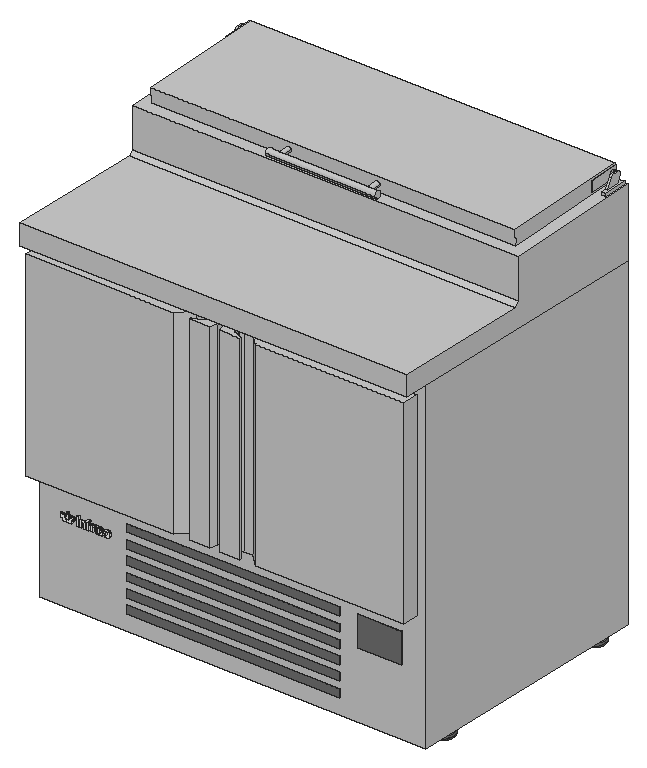
Revit family "QF_INFRICO_ME1000EN_250812015351", category Specialty Equipment, Revit 2021
Family settings
  Round Connector Dimension = Use Diameter
  Part Type = Normal
  OmniClass Number = 23.40.40.14
  OmniClass Title = Food Service Equipment
  Work Plane-Based = No
  Always vertical = Yes
  Cut with Voids When Loaded = No
  Shared = No
  Room Calculation Point = No
Parameters (values of type "ME1000EN-R290")
  Weight [instance] = 93.9979 kg
  Waste Water Discharge Temperature [instance] = 0 °C
  Waste Remarks [instance] = ""
  Warranty Start Date [instance] = ""
  Warranty Duration [instance] = ""
  Volts [instance] = 230 V
  Volt Free Conn [instance] = no
  URL Recommended Spares List [instance] = ""
  URL Manufacturer [instance] = ""
  URL Cutsheet [instance] = ""
  URL Critical Spares List [instance] = ""
  URL = "www.infrico.com"
  Technical Documentation [instance] = ""
  Tag Number [instance] = ""
  Status [instance] = ""
  Start Up Current [instance] = 0 A
  Specification by User [instance] = ""
  Specification by Manufacturer [instance] = ""
  Sound Level [instance] = ""
  Show Logo [instance] = yes
  Show Clearances [instance] = yes
  Service Life Duration [instance] = ""
  Serial Number [instance] = ""
  Seismic Rating [instance] = ""
  SMACNA No [instance] = ""
  Revision Code [instance] = ""
  Revision [instance] = ""
  Production Year [instance] = ""
  Potential Equalisation [instance] = no
  Point Load [instance] = 0
  Plumbing Connection Type [instance] = ""
  Phase [instance] = 1
  Other Equipment Approvals [instance] = ""
  Operational Current [instance] = 0 A
  Number of Poles [instance] = 2
  No Load Power Draw [instance] = no
  NAFEM Spec ID Number [instance] = ""
  Model Warning [instance] = ""
  Model = "ME1000EN"
  Min Ckt Ampacity [instance] = 0 A
  Max Overcurrent Protection [instance] = 0 A
  Masterspec [instance] = ""
  Manufacturer = "INFRICO"
  Main switch integrated [instance] = no
  Length Actual [instance] = 977.9 mm
  Item Number [instance] = ""
  Installed By [instance] = ""
  Installation Date [instance] = ""
  Indirect Waste Size [instance] = 19.05 mm
  Indirect Waste Remarks [instance] = ""
  Indirect Waste Flow [instance] = 0.0 L/s
  Indirect Waste Connection Type [instance] = ""
  Indirect Waste Connection Height [instance] = 0 mm
  Identify Quantity as Lot [instance] = no
  ID [instance] = ""
  Hygiene Approval [instance] = ""
  Height Actual [instance] = 884.936 mm
  HP power [instance] = ""
  Furnished By [instance] = ""
  Foodservice Equipment Identifier [instance] = no
  FL Amps [instance] = 0 A
  Electrical Remarks [instance] = ""
  Electric power [instance] = 320 W
  Electric Connection Type [instance] = ""
  Elec Conn RI Height [instance] = 0 mm
  Elec Conn Connection Height [instance] = 0 mm
  ETL Approved [instance] = no
  Direct Waste Water Discharge Temperature [instance] = -273.15 °C
  Direct Waste Size [instance] = 19.05 mm
  Direct Waste RI Height [instance] = 0 mm
  Direct Waste Flow [instance] = 0.0 L/s
  Direct Waste Connection Height [instance] = 0 mm
  Description = "GN1/1 SALAD PREP REFRIGERATOR TABLE 700 SERIES - R290"
  Depth Actual [instance] = 700.024 mm
  Default Elevation = 0 mm
  Cycle [instance] = 50 Hz
  Cost = 0
  Connection to energy optimisation system [instance] = yes
  Conn Plug [instance] = ""
  Conn Conduit [instance] = no
  Centralized building control system with digital interface [instance] = ""
  CSI MasterFormat [instance] = ""
  CE Approved [instance] = no
  Barcode [instance] = 0
  Author [instance] = ""
  Asset Identifier [instance] = ""
  Apparent Power [instance] = 320 VA
  Accessory [instance] = no
Reference planes
  plane 1 "Center (Front/Back)": y = 0
  plane 2: z = 0
  plane 3 "Center (Left/Right)": x = 0
Forms (mm)
  Extrusion 1, solid, not visible
    sketch origin (487.024, -152.007, 302.015) x (1, 0, 0) y (0, 1, 0)
      loop
        line (-2, 2) -> (-2, -2) -> (2, -2) -> (2, 2) -> (-2, 2)
    from -2 to 2
  Extrusion 2, solid, not visible
    sketch origin (45.002, -152.007, 286.014) x (1, 0, 0) y (0, 1, 0)
      loop
        line (-2, 2) -> (-2, -2) -> (2, -2) -> (2, 2) -> (-2, 2)
    from -2 to 2
Dimensions and locks
  locked: Extrusion 1 to nested 2
  locked: nested 2 to Extrusion 1 at 2
  locked: Extrusion 2 to nested 3
  locked: nested 3 to Extrusion 2 at 2
  aligned and locked: level to plane 2
Nested families
  nested 1: "QF_INFRICO_ME1000EN_2920" at (0, 0, 0), type "ME1000EN-R290"
    with Weight 93.9979 kg, Warranty Start Date "", Warranty Duration "", URL Cutsheet "", Technical Documentation "", Tag Number "", Status "", Specification by User "", Specification by Manufacturer "", Sound Level "", Solid Fuel Type "", Show Logo yes, Show Clearances yes, Show Clearance yes, Service Life Duration "", Serial Number "", Seismic Rating "", SMACNA No "", Revision Code "", Revision "", Production Year "", Point Load 0, Other Equipment Approvals "", NAFEM Spec ID Number "", Model Warning "", Masterspec "", Length Actual 977.9 mm, Item Number "", Installed By "", Installation Date "", Identify Quantity as Lot yes, ID "", Hygiene Approval "", Height Actual 884.936 mm, Furnished By "", Foodservice Equipment Identifier yes, ETL Approved yes, Depth Actual 700.024 mm, CSI MasterFormat "", CE Approved no, Barcode "", Author "", Asset Identifier "", Accessory no
  nested 2: "CONN_POINT_DRAIN_2D___Generic_Annotation" at (487.024, -150.007, 302.015), type "CONN_POINT_DRAIN_2D___Generic_Annotation"
    with Onboard connection annotation symbol visibility yes
  nested 3: "CONN_POINT_ELE_2D___Generic_Annotation" at (45.002, -150.007, 286.014), type "CONN_POINT_ELE_2D___Generic_Annotation"
    with Onboard connection annotation symbol visibility yes
  nested 4: "QF_INFRICO_ME_DOOR_SX_4601" at (10, -638, 324), type "ME_DOOR_SX"
    with Weight 0.00 kg, Warranty Start Date "", Warranty Duration "", URL Cutsheet "", Technical Documentation "", Tag Number "", Status "", Specification by User "", Specification by Manufacturer "", Sound Level "", Solid Fuel Type "", Show Logo yes, Show Clearances yes, Show Clearance yes, Service Life Duration "", Serial Number "", Seismic Rating "", SMACNA No "", Revision Code "", Revision "", Production Year "", Point Load 0, Other Equipment Approvals "", NAFEM Spec ID Number "", Model Warning "", Masterspec "", Length Actual 471.932 mm, Item Number "", Installed By "", Installation Date "", Identify Quantity as Lot yes, ID "", Hygiene Approval "", Height Actual 501.904 mm, Furnished By "", Foodservice Equipment Identifier yes, ETL Approved yes, Depth Actual 56.896 mm, CSI MasterFormat "", CE Approved no, Barcode "", Author "", Asset Identifier "", Accessory yes
  nested 5: "QF_INFRICO_ME_DOOR_DX_5375" at (496, -638, 324), type "ME_DOOR_DX"
    with Weight 0.00 kg, Warranty Start Date "", Warranty Duration "", URL Cutsheet "", Technical Documentation "", Tag Number "", Status "", Specification by User "", Specification by Manufacturer "", Sound Level "", Solid Fuel Type "", Show Logo yes, Show Clearances yes, Show Clearance yes, Service Life Duration "", Serial Number "", Seismic Rating "", SMACNA No "", Revision Code "", Revision "", Production Year "", Point Load 0, Other Equipment Approvals "", NAFEM Spec ID Number "", Model Warning "", Masterspec "", Length Actual 471.932 mm, Item Number "", Installed By "", Installation Date "", Identify Quantity as Lot yes, ID "", Hygiene Approval "", Height Actual 501.904 mm, Furnished By "", Foodservice Equipment Identifier yes, ETL Approved yes, Depth Actual 56.896 mm, CSI MasterFormat "", CE Approved no, Barcode "", Author "", Asset Identifier "", Accessory yes
Connectors
  piping at (487.024, -150.007, 302.015), diameter 19.05, driven by "Indirect Waste Size", driven by "Direct Waste Flow"
    settings: on Extrusion 1, index 1, connector inside diameter 609.6 mm, connector length 0 mm, flow factor 0, pipe flow 0.0 L/s, pressure drop 0.0 Pa, fitting loss kfactor 0, connector angle 0.00°, fixture units 0, engagement length 0 mm, angle of deflection 0.00°, flow configuration 1, flow direction 2, fitting loss method 0, system type 16, joint type 0, gender type 0, connector reference index -1, connector utility 0, adjustable connector no, is connector primary yes, connector description "Waste connection for ME1000EN"
  electrical at (45.002, -150.007, 286.014), driven by "Apparent Power", driven by "Number of Poles", driven by "Volts"
    settings: on Extrusion 2, index 2, voltage 230 V, apparent load 0 VA, apparent load phase1 320 VA, apparent load phase2 0 VA, apparent load phase3 0 VA, power factor 1, load classification "Other", number of poles 2, system type 31, power factor state 1, is connector primary yes, connector utility no, sub classification motor no, connector description "Electrical connection for ME1000EN"
Definition of nested family "QF_INFRICO_ME1000EN_2920"
  Parameters (values of type "ME1000EN-R290")
    Weight [instance] = 0.00 kg
    Warranty Start Date [instance] = ""
    Warranty Duration [instance] = ""
    URL Cutsheet [instance] = ""
    URL = "www.infrico.com"
    Technical Documentation [instance] = ""
    Tag Number [instance] = ""
    Status [instance] = ""
    Specification by User [instance] = ""
    Specification by Manufacturer [instance] = ""
    Sound Level [instance] = ""
    Solid Fuel Type [instance] = ""
    Show Logo [instance] = yes
    Show Clearances [instance] = yes
    Show Clearance [instance] = yes
    Service Life Duration [instance] = ""
    Serial Number [instance] = ""
    Seismic Rating [instance] = ""
    SMACNA No [instance] = ""
    Revision Code [instance] = ""
    Revision [instance] = ""
    Production Year [instance] = ""
    Point Load [instance] = 0
    Other Equipment Approvals [instance] = ""
    NAFEM Spec ID Number [instance] = ""
    Model Warning [instance] = ""
    Model = "ME1000EN"
    Masterspec [instance] = ""
    Manufacturer = "INFRICO"
    Length Actual [instance] = 0 mm
    Item Number [instance] = ""
    Installed By [instance] = ""
    Installation Date [instance] = ""
    Identify Quantity as Lot [instance] = yes
    ID [instance] = ""
    Hygiene Approval [instance] = ""
    Height Actual [instance] = 0 mm
    Furnished By [instance] = ""
    Foodservice Equipment Identifier [instance] = yes
    ETL Approved [instance] = yes
    Description = "GN1/1 SALAD PREP REFRIGERATOR TABLE 700 SERIES - R290"
    Depth Actual [instance] = 0 mm
    Default Elevation = 0 mm
    CSI MasterFormat [instance] = ""
    CE Approved [instance] = yes
    Barcode [instance] = ""
    Author [instance] = ""
    Asset Identifier [instance] = ""
    Assembly Code = "E1090320"
    Accessory [instance] = yes
  Types (2, lengths in mm): name | Description
    ME1000EN | "GN1/1 SALAD PREP REFRIGERATOR TABLE 700 SERIES - R134A"
    ME1000EN-R290 | "GN1/1 SALAD PREP REFRIGERATOR TABLE 700 SERIES - R290"
  Reference planes
    plane 1 "Back": y = 0
    plane 2: z = 0
    plane 3 "Left": x = 0
    plane 4 "Right": x = 978
    plane 5 "Front": y = -700
    plane 6 "Top": z = 895.04
  Forms (mm)
    Revolve 1, solid
      sketch origin (29, 0.51, 0) x (0, 1, 0) y (0, 0, 1)
        loop
          line (-65.51, 20.01) -> (-65.51, 0) -> (-45.51, 0)
          arc (-45.51, 0) -> (-41.974, 1.464) -> (-40.51, 5) r 5
          line (-40.51, 5) -> (-40.51, 10) -> (-50.51, 10) -> (-50.51, 15) -> (-60.51, 15) -> (-60.51, 20.01) -> (-65.51, 20.01)
        axis (-65.51, 20.01) -> (-65.51, 0)
      angle from 0 to 360
    Revolve 2, solid
      sketch origin (29, -479.49, 0) x (0, 1, 0) y (0, 0, 1)
        loop
          line (-65.51, 20.01) -> (-65.51, 0) -> (-45.51, 0)
          arc (-45.51, 0) -> (-41.974, 1.464) -> (-40.51, 5) r 5
          line (-40.51, 5) -> (-40.51, 10) -> (-50.51, 10) -> (-50.51, 15) -> (-60.51, 15) -> (-60.51, 20.01) -> (-65.51, 20.01)
        axis (-65.51, 20.01) -> (-65.51, 0)
      angle from 0 to 360
    Revolve 3, solid
      sketch origin (949, 0.51, 0) x (0, 1, 0) y (0, 0, 1)
        loop
          line (-65.51, 20.01) -> (-65.51, 0) -> (-45.51, 0)
          arc (-45.51, 0) -> (-41.974, 1.464) -> (-40.51, 5) r 5
          line (-40.51, 5) -> (-40.51, 10) -> (-50.51, 10) -> (-50.51, 15) -> (-60.51, 15) -> (-60.51, 20.01) -> (-65.51, 20.01)
        axis (-65.51, 20.01) -> (-65.51, 0)
      angle from 0 to 360
    Revolve 4, solid
      sketch origin (949, -479.49, 0) x (0, 1, 0) y (0, 0, 1)
        loop
          line (-65.51, 20.01) -> (-65.51, 0) -> (-45.51, 0)
          arc (-45.51, 0) -> (-41.974, 1.464) -> (-40.51, 5) r 5
          line (-40.51, 5) -> (-40.51, 10) -> (-50.51, 10) -> (-50.51, 15) -> (-60.51, 15) -> (-60.51, 20.01) -> (-65.51, 20.01)
        axis (-65.51, 20.01) -> (-65.51, 0)
      angle from 0 to 360
    Extrusion 5, solid
      sketch origin (0, 0, 1) x (0, 1, 0) y (0, 0, 1)
        loop
          line (0, 19.01) -> (0, 49.01) -> (-150, 49.01) -> (-150, 319) -> (0, 319) -> (0, 844.01) -> (-638, 844.01) -> (-638, 19.01) -> (0, 19.01)
      from 30 to 948
    Extrusion 6, solid
      sketch origin (-2000, -636.1, 1) x (1, 0, 0) y (0, 0, 1)
        loop
          line (2220, 263.01) -> (2220, 243.01) -> (2760, 243.01) -> (2760, 263.01) -> (2220, 263.01)
      from 0 to 2
    Extrusion 7, solid
      sketch origin (-2000, -636.1, -36) x (1, 0, 0) y (0, 0, 1)
        loop
          line (2220, 263.01) -> (2220, 243.01) -> (2760, 243.01) -> (2760, 263.01) -> (2220, 263.01)
      from 0 to 2
    Extrusion 8, solid
      sketch origin (-2000, -636.1, -73) x (1, 0, 0) y (0, 0, 1)
        loop
          line (2220, 263.01) -> (2220, 243.01) -> (2760, 243.01) -> (2760, 263.01) -> (2220, 263.01)
      from 0 to 2
    Extrusion 9, solid
      sketch origin (-2000, -636.1, -110) x (1, 0, 0) y (0, 0, 1)
        loop
          line (2220, 263.01) -> (2220, 243.01) -> (2760, 243.01) -> (2760, 263.01) -> (2220, 263.01)
      from 0 to 2
    Extrusion 10, solid
      sketch origin (-2000, -636.1, -147) x (1, 0, 0) y (0, 0, 1)
        loop
          line (2220, 263.01) -> (2220, 243.01) -> (2760, 243.01) -> (2760, 263.01) -> (2220, 263.01)
      from 0 to 2
    Extrusion 11, solid
      sketch origin (-2000, -636.1, -184) x (1, 0, 0) y (0, 0, 1)
        loop
          line (2220, 263.01) -> (2220, 243.01) -> (2760, 243.01) -> (2760, 263.01) -> (2220, 263.01)
      from 0 to 2
    Extrusion 12, solid
      sketch origin (-2000, -638, 1) x (1, 0, 0) y (0, 0, 1)
        loop
          line (2917.81, 187.81) -> (2917.81, 264.21) -> (2806.21, 264.21) -> (2806.21, 187.81) -> (2917.81, 187.81)
      from 0 to 2
    Extrusion 13, solid
      sketch origin (-1999.879, -1998.654, 934.454) x (1, 0, 0) y (0, 0.999095, 0.042523)
        loop
          line (2004.879, 1939.39) -> (2016.879, 1939.39) -> (2016.879, 1999.39) -> (2004.879, 1999.39) -> (2004.879, 1939.39)
      from 0.49 to 6
    Extrusion 14, solid
      sketch origin (12, -1962.785, 91.697) x (0, 0.999095, 0.042523) y (0, -0.042523, 0.999095)
        loop
          line (1953.39, 849.52) -> (1985.399, 849.52) -> (1991.942, 868.802)
          arc (1991.942, 868.802) -> (1990.52, 873.832) -> (1985.772, 876.02) r 6.246
          line (1985.772, 876.02) -> (1975.772, 876.02)
          arc (1975.772, 876.02) -> (1970.994, 874.797) -> (1967.39, 871.429) r 9.947
          line (1967.39, 871.429) -> (1953.39, 849.52)
      from 0 to 5
    Extrusion 15, solid
      sketch origin (24, -1962.785, 91.697) x (0, 0.999095, 0.042523) y (0, -0.042523, 0.999095)
        loop
          line (1996.591, 881.767) -> (1921.591, 881.767) -> (1921.591, 855.741) -> (1996.591, 855.741) -> (1996.591, 881.767)
      from 0 to 4
    Revolve 16, solid
      sketch origin (-1999.879, 17.922, 175.999) x (1, 0, 0) y (0, -0.042523, 0.999095)
        loop
          line (2023.879, 877.754) -> (2020.879, 877.754) -> (2020.879, 875.754) -> (2016.879, 875.754) -> (2016.879, 868.754) -> (2023.879, 868.754) -> (2023.879, 877.754)
        axis (2023.879, 868.754) -> (2016.879, 868.754)
      angle from 0 to 360
    Extrusion 17, solid
      sketch origin (2977.879, -1998.654, 934.454) x (-1, 0, 0) y (0, -0.999095, -0.042523)
        loop
          line (2004.879, -1939.39) -> (2004.879, -1999.39) -> (2016.879, -1999.39) -> (2016.879, -1939.39) -> (2004.879, -1939.39)
      from 0.49 to 6
    Extrusion 18, solid
      sketch origin (966, -1962.785, 91.697) x (0, 0.999095, 0.042523) y (0, 0.042523, -0.999095)
        loop
          line (1953.39, -849.52) -> (1967.39, -871.429)
          arc (1967.39, -871.429) -> (1970.994, -874.797) -> (1975.772, -876.02) r 9.947
          line (1975.772, -876.02) -> (1985.772, -876.02)
          arc (1985.772, -876.02) -> (1990.52, -873.832) -> (1991.942, -868.802) r 6.246
          line (1991.942, -868.802) -> (1985.399, -849.52) -> (1953.39, -849.52)
      from 0 to 5
    Extrusion 19, solid
      sketch origin (954, -1962.785, 91.697) x (0, 0.999095, 0.042523) y (0, 0.042523, -0.999095)
        loop
          line (1996.591, -881.767) -> (1996.591, -855.741) -> (1921.591, -855.741) -> (1921.591, -881.767) -> (1996.591, -881.767)
      from 0 to 4
    Revolve 20, solid
      sketch origin (2977.879, 17.922, 175.999) x (-1, 0, 0) y (0, 0.042523, -0.999095)
        loop
          line (2023.879, -877.754) -> (2023.879, -868.754) -> (2016.879, -868.754) -> (2016.879, -875.754) -> (2020.879, -875.754) -> (2020.879, -877.754) -> (2023.879, -877.754)
        axis (2023.879, -868.754) -> (2016.879, -868.754)
      angle from 0 to 360
    Extrusion 21, solid
      sketch origin (0, -140, 0) x (1, 0, 0) y (0, 0, 1)
        loop
          circle (45, 286) r 12.7
      from 0 to 10
    Extrusion 22, solid
      sketch origin (0, -140, 0) x (1, 0, 0) y (0, 0, 1)
        loop
          circle (487, 302) r 9.525
      from 0 to 10
    Extrusion 23, solid
      sketch origin (0, 0, 1) x (0, 1, 0) y (0, 0, 1)
        loop
          line (-638, 19.01) -> (0, 19.01) -> (0, 844.01) -> (-638, 844.01) -> (-638, 19.01)
      from 0 to 30
    Extrusion 24, solid
      sketch origin (978, 0, 1) x (0, 1, 0) y (0, 0, -1)
        loop
          line (-638, -19.01) -> (-638, -844.01) -> (0, -844.01) -> (0, -19.01) -> (-638, -19.01)
      from 0 to 30
    Extrusion 25, solid
      sketch origin (0, -2000, 1) x (0, 1, 0) y (0, 0, 1)
        loop
          line (1300, 844.01) -> (2000, 844.01) -> (2000, 1019.01) -> (1656.719, 1004.399) -> (1656.719, 904.399) -> (1646.36, 894.04) -> (1300, 894.04) -> (1300, 844.01)
      from 0 to 978
    Extrusion 26, solid
      sketch origin (0, -2000, 1) x (0, 1, 0) y (0, 0, 1)
        loop
          line (1996.715, 1031.107) -> (1995.527, 1059.029) -> (1678.795, 1045.549) -> (1680.325, 1009.592) -> (1974.772, 1022.124) -> (1996.715, 1031.107)
      from 28 to 950
    Extrusion 27, solid
      sketch origin (63.488, 144.54, 178.873) x (0, 0.999907, 0.013666) y (0, -0.013666, 0.999907)
        loop
          circle (-485.389, 855.265) r 8
      from 287.002 to 564.022
    Extrusion 28, solid
      sketch origin (94.088, 185.842, 174.758) x (1, 0, 0) y (0, -0.042523, 0.999095)
        loop
          circle (282.344, 874.787) r 6
      from 469.509 to 496.446
    Extrusion 29, solid
      sketch origin (319.088, 185.842, 174.758) x (1, 0, 0) y (0, -0.042523, 0.999095)
        loop
          circle (282.344, 874.787) r 6
      from 469.509 to 496.446
    Extrusion 30, solid, detail levels coarse
      sketch origin (0, 0, 1) x (0, 1, 0) y (0, 0, 1)
        loop
          line (-4.473, 1059.029) -> (-16.423, 1339.794) -> (-52.391, 1338.263)
          arc (-52.391, 1338.263) -> (-247.421, 1247.579) -> (-321.205, 1045.549) r 281.019
          line (-321.205, 1045.549) -> (-4.473, 1059.029)
      from 28 to 950
    Extrusion 31, solid, visible <- "Show Logo"
      sketch origin (-1108.19, -638, -480.543) x (1, 0, 0) y (0, 0, 1)
        loop
          line (1208.799, 696.53) -> (1208.799, 719.204) -> (1204.173, 719.204) -> (1204.173, 696.53) -> (1208.799, 696.53)
        loop
          line (1214.779, 713.006) -> (1211.283, 713.006) -> (1211.283, 696.53) -> (1215.772, 696.53) -> (1215.772, 707.832)
          arc (1215.772, 707.832) -> (1217.528, 708.741) -> (1219.417, 709.324) r 11.052
          arc (1219.417, 709.324) -> (1220.929, 708.961) -> (1221.598, 707.557) r 1.806
          line (1221.598, 707.557) -> (1221.598, 696.53) -> (1226.121, 696.53) -> (1226.121, 708.689)
          arc (1226.121, 708.689) -> (1224.637, 712.075) -> (1221.141, 713.281) r 4.607
          arc (1221.141, 713.281) -> (1218.282, 712.674) -> (1215.669, 711.361) r 11.435
          line (1215.669, 711.361) -> (1215.601, 712.184)
          arc (1215.601, 712.184) -> (1215.36, 712.765) -> (1214.779, 713.006) r 0.822
        loop
          line (1238.557, 720.102) -> (1237.306, 720.102)
          arc (1237.306, 720.102) -> (1235.052, 719.926) -> (1232.881, 719.297) r 11.103
          arc (1232.881, 719.297) -> (1230.805, 717.616) -> (1230.024, 715.062) r 4.567
          line (1230.024, 715.062) -> (1230.024, 712.909) -> (1227.351, 712.703) -> (1227.351, 709.374) -> (1230.024, 709.374) -> (1230.024, 696.53) -> (1234.547, 696.53) -> (1234.547, 709.374) -> (1238.249, 709.374) -> (1238.249, 712.938) -> (1234.547, 712.938) -> (1234.547, 714.548)
          arc (1234.547, 714.548) -> (1234.956, 715.705) -> (1236.045, 716.271) r 1.67
          line (1236.045, 716.271) -> (1237.7, 716.399)
          arc (1237.7, 716.399) -> (1238.306, 716.65) -> (1238.557, 717.255) r 0.857
          line (1238.557, 717.255) -> (1238.557, 720.102)
        loop
          line (1239.479, 713.006) -> (1239.479, 696.53) -> (1243.968, 696.53) -> (1243.968, 707.352)
          arc (1243.968, 707.352) -> (1245.873, 708.631) -> (1248.077, 709.268) r 7.435
          line (1248.077, 709.268) -> (1249.241, 709.416)
          arc (1249.241, 709.416) -> (1249.643, 709.758) -> (1249.793, 710.265) r 0.928
          line (1249.793, 710.265) -> (1249.793, 712.458)
          arc (1249.793, 712.458) -> (1249.531, 713.061) -> (1248.912, 713.28) r 0.824
          arc (1248.912, 713.28) -> (1246.197, 712.588) -> (1243.899, 710.984) r 7.833
          line (1243.899, 710.984) -> (1243.726, 713.006) -> (1239.479, 713.006)
        loop
          line (1255.495, 696.53) -> (1255.495, 713.006) -> (1251.006, 713.006) -> (1251.006, 696.53) -> (1255.495, 696.53)
        loop
          arc (1257.421, 701.327) -> (1258.567, 698.188) -> (1261.466, 696.525) r 4.873
          arc (1261.466, 696.525) -> (1264.493, 696.266) -> (1267.521, 696.525) r 17.816
          arc (1267.521, 696.525) -> (1270.575, 699.134) -> (1271.505, 703.041) r 6.481
          line (1271.505, 703.041) -> (1267.187, 703.041) -> (1267.187, 701.67)
          arc (1267.187, 701.67) -> (1266.64, 700.452) -> (1265.442, 699.865) r 1.965
          arc (1265.442, 699.865) -> (1264.547, 699.816) -> (1263.653, 699.865) r 8.196
          arc (1263.653, 699.865) -> (1262.417, 700.415) -> (1261.91, 701.67) r 1.806
          line (1261.91, 701.67) -> (1261.91, 707.9)
          arc (1261.91, 707.9) -> (1262.417, 709.155) -> (1263.653, 709.705) r 1.806
          arc (1263.653, 709.705) -> (1264.547, 709.754) -> (1265.442, 709.705) r 8.196
          arc (1265.442, 709.705) -> (1266.64, 709.118) -> (1267.187, 707.9) r 1.965
          line (1267.187, 707.9) -> (1267.187, 706.838) -> (1271.505, 706.838)
          arc (1271.505, 706.838) -> (1270.524, 710.556) -> (1267.521, 712.959) r 6.132
          arc (1267.521, 712.959) -> (1264.493, 713.294) -> (1261.466, 712.959) r 13.851
          arc (1261.466, 712.959) -> (1258.571, 711.349) -> (1257.421, 708.243) r 4.772
          line (1257.421, 708.243) -> (1257.421, 701.327)
        loop
          arc (1272.916, 701.329) -> (1273.993, 698.345) -> (1276.726, 696.734) r 4.676
          arc (1276.726, 696.734) -> (1278.515, 696.455) -> (1280.318, 696.291) r 28.371
          arc (1280.318, 696.291) -> (1282.122, 696.455) -> (1283.911, 696.734) r 28.371
          arc (1283.911, 696.734) -> (1286.644, 698.345) -> (1287.72, 701.329) r 4.676
          line (1287.72, 701.329) -> (1287.72, 708.242)
          arc (1287.72, 708.242) -> (1286.644, 711.226) -> (1283.911, 712.837) r 4.676
          arc (1283.911, 712.837) -> (1282.122, 713.116) -> (1280.318, 713.28) r 28.371
          arc (1280.318, 713.28) -> (1278.515, 713.116) -> (1276.726, 712.837) r 28.371
          arc (1276.726, 712.837) -> (1273.993, 711.226) -> (1272.916, 708.242) r 4.676
          line (1272.916, 708.242) -> (1272.916, 701.329)
        loop
          line (1277.405, 707.866) -> (1277.405, 701.705)
          arc (1277.405, 701.705) -> (1277.844, 700.556) -> (1278.936, 699.991) r 1.725
          arc (1278.936, 699.991) -> (1279.627, 699.918) -> (1280.318, 699.856) r 46.133
          arc (1280.318, 699.856) -> (1281.01, 699.918) -> (1281.701, 699.991) r 46.133
          arc (1281.701, 699.991) -> (1282.793, 700.556) -> (1283.231, 701.705) r 1.725
          line (1283.231, 701.705) -> (1283.231, 707.866)
          arc (1283.231, 707.866) -> (1282.793, 709.015) -> (1281.701, 709.58) r 1.725
          arc (1281.701, 709.58) -> (1281.01, 709.653) -> (1280.318, 709.716) r 46.133
          arc (1280.318, 709.716) -> (1279.627, 709.653) -> (1278.936, 709.58) r 46.133
          arc (1278.936, 709.58) -> (1277.844, 709.015) -> (1277.405, 707.866) r 1.725
        loop
          arc (1190.339, 696.543) -> (1191.411, 696.987) -> (1191.856, 698.059) r 1.516
          line (1191.856, 698.059) -> (1191.856, 703.891) -> (1196.035, 703.891)
          arc (1196.035, 703.891) -> (1196.79, 704.121) -> (1197.218, 704.782) r 1.147
          line (1197.218, 704.782) -> (1197.218, 706.211)
          arc (1197.218, 706.211) -> (1196.787, 707.258) -> (1195.719, 707.634) r 1.385
          line (1195.719, 707.634) -> (1194.52, 707.634) -> (1197.218, 710.332)
          arc (1197.218, 710.332) -> (1197.605, 711.266) -> (1197.218, 712.2) r 1.321
          line (1197.218, 712.2) -> (1196.495, 712.923)
          arc (1196.495, 712.923) -> (1195.54, 713.338) -> (1194.558, 712.991) r 1.422
          line (1194.558, 712.991) -> (1191.853, 710.286) -> (1191.853, 711.479)
          arc (1191.853, 711.479) -> (1191.443, 712.516) -> (1190.435, 712.992) r 1.516
          line (1190.435, 712.992) -> (1189.514, 712.992)
          arc (1189.514, 712.992) -> (1188.511, 712.514) -> (1188.103, 711.479) r 1.516
          line (1188.103, 711.479) -> (1188.103, 706.83) -> (1182.073, 701.336) -> (1182.073, 707.509) -> (1185.639, 711.075)
          arc (1185.639, 711.075) -> (1186.053, 712.073) -> (1185.639, 713.071) r 1.412
          line (1185.639, 713.071) -> (1184.987, 713.723)
          arc (1184.987, 713.723) -> (1183.939, 714.141) -> (1182.915, 713.667) r 1.428
          line (1182.915, 713.667) -> (1182.073, 712.825) -> (1182.073, 717.784)
          arc (1182.073, 717.784) -> (1181.658, 718.787) -> (1180.655, 719.203) r 1.418
          line (1180.655, 719.203) -> (1179.726, 719.203)
          arc (1179.726, 719.203) -> (1178.723, 718.787) -> (1178.308, 717.784) r 1.418
          line (1178.308, 717.784) -> (1178.308, 712.825) -> (1177.466, 713.667)
          arc (1177.466, 713.667) -> (1176.442, 714.141) -> (1175.394, 713.723) r 1.428
          line (1175.394, 713.723) -> (1174.742, 713.071)
          arc (1174.742, 713.071) -> (1174.328, 712.073) -> (1174.742, 711.075) r 1.412
          line (1174.742, 711.075) -> (1178.308, 707.509) -> (1178.308, 701.336) -> (1172.278, 706.83) -> (1172.278, 711.479)
          arc (1172.278, 711.479) -> (1171.87, 712.514) -> (1170.867, 712.992) r 1.516
          line (1170.867, 712.992) -> (1169.946, 712.992)
          arc (1169.946, 712.992) -> (1168.938, 712.516) -> (1168.528, 711.479) r 1.516
          line (1168.528, 711.479) -> (1168.528, 710.286) -> (1165.823, 712.991)
          arc (1165.823, 712.991) -> (1164.841, 713.338) -> (1163.886, 712.923) r 1.422
          line (1163.886, 712.923) -> (1163.163, 712.2)
          arc (1163.163, 712.2) -> (1162.776, 711.266) -> (1163.163, 710.332) r 1.321
          line (1163.163, 710.332) -> (1165.861, 707.634) -> (1164.662, 707.634)
          arc (1164.662, 707.634) -> (1163.594, 707.258) -> (1163.163, 706.211) r 1.385
          line (1163.163, 706.211) -> (1163.163, 704.782)
          arc (1163.163, 704.782) -> (1163.591, 704.121) -> (1164.346, 703.891) r 1.147
          line (1164.346, 703.891) -> (1168.525, 703.891) -> (1168.525, 698.059)
          arc (1168.525, 698.059) -> (1168.969, 696.987) -> (1170.042, 696.543) r 1.516
          line (1170.042, 696.543) -> (1190.339, 696.543)
      from 0 to 2
  Cuts and joins
    joined: Extrusion 5, Extrusion 23, Extrusion 24
  Lines and regions (mm)
    symbolic lines
      curve 1: line (978, -700, 0) -> (978, 0, 0)
      curve 2: line (0, -700, 0) -> (978, -700, 0)
      curve 3: line (0, 0, 0) -> (0, -700, 0)
      curve 4: line (978, 0, 0) -> (0, 0, 0)
      curve 5: line (24, -80.427, 0) -> (28, -80.427, 0)
      curve 6: line (24, -4.389, 0) -> (24, -80.427, 0)
      curve 7: line (28, -4.389, 0) -> (24, -4.389, 0)
      curve 8: line (17, -1.093, 0) -> (5, -1.093, 0)
      curve 9: line (5, -1.093, 0) -> (5, -61.273, 0)
      curve 10: line (5, -61.273, 0) -> (17, -61.273, 0)
      curve 11: line (17, -61.273, 0) -> (17, -1.093, 0)
      curve 12: line (24, -12.02, 0) -> (17, -12.02, 0)
      curve 13: line (24, -26.02, 0) -> (17, -26.02, 0)
      curve 14: line (954, -78.409, 0) -> (954, -3.409, 0)
      curve 15: line (950, -78.409, 0) -> (954, -78.409, 0)
      curve 16: line (954, -3.409, 0) -> (950, -3.409, 0)
      curve 17: line (961, -1.093, 0) -> (961, -61.273, 0)
      curve 18: line (973, -1.093, 0) -> (961, -1.093, 0)
      curve 19: line (973, -61.273, 0) -> (973, -1.093, 0)
      curve 20: line (961, -61.273, 0) -> (973, -61.273, 0)
      curve 21: line (954, -26.02, 0) -> (961, -26.02, 0)
      curve 22: line (954, -12.02, 0) -> (961, -12.02, 0)
      curve 23: line (350.49, -360.491, 0) -> (350.49, -344.492, 0)
      curve 24: line (350.49, -344.492, 0) -> (627.51, -344.492, 0)
      curve 25: line (627.51, -344.492, 0) -> (627.51, -360.491, 0)
      curve 26: line (627.51, -360.491, 0) -> (350.49, -360.491, 0)
      curve 27: line (370.432, -344.492, 0) -> (370.432, -321.459, 0)
      curve 28: line (382.432, -344.492, 0) -> (382.432, -321.459, 0)
      curve 29: line (595.432, -344.492, 0) -> (595.432, -321.459, 0)
      curve 30: line (607.432, -344.492, 0) -> (607.432, -321.459, 0)
      curve 31: line (28, -3.285, 0) -> (28, -321.205, 0)
      curve 32: line (950, -321.205, 0) -> (28, -321.205, 0)
      curve 33: line (950, -321.205, 0) -> (950, -3.285, 0)
      curve 34: line (28, -3.285, 0) -> (950, -3.285, 0)
  Dimensions and locks
    plane 1 "Back" to plane 5 "Front" = 700 mm  (x2)
    plane 6 "Top" to level = 895.04 mm  (x2)
    plane 4 "Right" to plane 3 "Left" = 978 mm
    plane 3 "Left" to plane 4 "Right" = 978 mm
    aligned and locked: level to plane 2
  Connectors
    electrical at (45, -140, 286)
      settings: on Extrusion 21, index 1, voltage 0 V, apparent load 0 VA, apparent load phase1 0 VA, apparent load phase2 0 VA, apparent load phase3 0 VA, power factor 1, load classification none, number of poles 1, system type 31, power factor state 1, is connector primary yes, connector utility no, sub classification motor no, connector description "Electrical connection"
    piping at (487, -140, 302), diameter 19.1
      settings: on Extrusion 22, index 2, connector inside diameter 609.6 mm, connector length 0 mm, flow factor 0, pipe flow 0.0 L/s, pressure drop 0.0 Pa, fitting loss kfactor 0, connector angle 0.00°, fixture units 0, engagement length 0 mm, angle of deflection 0.00°, flow configuration 1, flow direction 1, fitting loss method 0, system type 16, joint type 0, gender type 0, connector reference index -1, connector utility 0, adjustable connector no, is connector primary yes, connector description "Drain connection"
Definition of nested family "QF_INFRICO_ME_DOOR_SX_4601"
  Parameters (values of type "ME_DOOR_SX")
    Weight [instance] = 0.00 kg
    Warranty Start Date [instance] = ""
    Warranty Duration [instance] = ""
    URL Cutsheet [instance] = ""
    URL = "www.infrico.com"
    Technical Documentation [instance] = ""
    Tag Number [instance] = ""
    Status [instance] = ""
    Specification by User [instance] = ""
    Specification by Manufacturer [instance] = ""
    Sound Level [instance] = ""
    Solid Fuel Type [instance] = ""
    Show Logo [instance] = yes
    Show Clearances [instance] = yes
    Show Clearance [instance] = yes
    Service Life Duration [instance] = ""
    Serial Number [instance] = ""
    Seismic Rating [instance] = ""
    SMACNA No [instance] = ""
    Revision Code [instance] = ""
    Revision [instance] = ""
    Production Year [instance] = ""
    Point Load [instance] = 0
    Other Equipment Approvals [instance] = ""
    NAFEM Spec ID Number [instance] = ""
    Model Warning [instance] = ""
    Model = "ME_DOOR_SX"
    Masterspec [instance] = ""
    Manufacturer = "INFRICO"
    Length Actual [instance] = 0 mm
    Item Number [instance] = ""
    Installed By [instance] = ""
    Installation Date [instance] = ""
    Identify Quantity as Lot [instance] = yes
    ID [instance] = ""
    Hygiene Approval [instance] = ""
    Height Actual [instance] = 0 mm
    Furnished By [instance] = ""
    Foodservice Equipment Identifier [instance] = yes
    ETL Approved [instance] = yes
    Description = "LEFT DOOR"
    Depth Actual [instance] = 0 mm
    Default Elevation = 0 mm
    CSI MasterFormat [instance] = ""
    CE Approved [instance] = yes
    Barcode [instance] = ""
    Author [instance] = ""
    Asset Identifier [instance] = ""
    Assembly Code = "E1090320"
    Accessory [instance] = yes
  Reference planes
    plane 1 "Back": y = 0
    plane 2: z = 0
    plane 3 "Left": x = 0
    plane 4 "Right": x = 472
    plane 5 "Front": y = -57
    plane 6 "Top": z = 502
  Forms (mm)
    Extrusion 1, solid
      sketch origin (2981.326, 637.02, -168.61) x (-1, 0, 0) y (0, -1, 0)
        loop
          line (2605.426, 694.02) -> (2575.356, 663.95) -> (2552.604, 663.95) -> (2541.663, 666.881)
          arc (2541.663, 666.881) -> (2540.582, 667.631) -> (2540.222, 668.896) r 1.95
          line (2540.222, 668.896) -> (2540.566, 678.741)
          arc (2540.566, 678.741) -> (2540.774, 679.563) -> (2541.304, 680.224) r 2.001
          line (2541.304, 680.224) -> (2566.566, 690.947) -> (2566.566, 694.02) -> (2514.259, 694.02) -> (2509.326, 675.612) -> (2509.326, 654.02) -> (2981.326, 654.02) -> (2981.326, 694.02) -> (2605.426, 694.02)
      from 168.61 to 670.61
    Extrusion 2, solid
      sketch origin (0, 0, 0) x (1, 0, 0) y (0, 0, 1)
        loop
          line (457, 487) -> (15, 487) -> (15, 15) -> (457, 15) -> (457, 487)
        loop
          line (45, 457) -> (45, 45) -> (427, 45) -> (427, 457) -> (45, 457)
      from 0 to 17
    Extrusion 3, solid, detail levels coarse
      sketch origin (0, 0, 0) x (1, 0, 0) y (0, 1, 0)
        loop
          line (472, -57) -> (0, -57) -> (0, -472) -> (57, -472)
          arc (57, -472) -> (350.449, -350.449) -> (472, -57) r 415
      from 0 to 502
  Lines and regions (mm)
    symbolic lines
      curve 1: line (0, -62, 0) -> (0, -472, 0)
      curve 2: line (0, -472, 0) -> (57, -472, 0)
      curve 3: arc (57, -472, 0) -> (348.676, -352.212, 0) -> (471.97, -62, 0) r 415
  Dimensions and locks
    plane 4 "Right" to plane 3 "Left" = 472 mm
    plane 6 "Top" to level = 502 mm  (x2)
    plane 1 "Back" to plane 5 "Front" = 57 mm  (x2)
    plane 3 "Left" to plane 4 "Right" = 472 mm
    aligned and locked: level to plane 2
Definition of nested family "QF_INFRICO_ME_DOOR_DX_5375"
  Parameters (values of type "ME_DOOR_DX")
    Weight [instance] = 0.00 kg
    Warranty Start Date [instance] = ""
    Warranty Duration [instance] = ""
    URL Cutsheet [instance] = ""
    URL = "www.infrico.com"
    Technical Documentation [instance] = ""
    Tag Number [instance] = ""
    Status [instance] = ""
    Specification by User [instance] = ""
    Specification by Manufacturer [instance] = ""
    Sound Level [instance] = ""
    Solid Fuel Type [instance] = ""
    Show Logo [instance] = yes
    Show Clearances [instance] = yes
    Show Clearance [instance] = yes
    Service Life Duration [instance] = ""
    Serial Number [instance] = ""
    Seismic Rating [instance] = ""
    SMACNA No [instance] = ""
    Revision Code [instance] = ""
    Revision [instance] = ""
    Production Year [instance] = ""
    Point Load [instance] = 0
    Other Equipment Approvals [instance] = ""
    NAFEM Spec ID Number [instance] = ""
    Model Warning [instance] = ""
    Model = "ME_DOOR_DX"
    Masterspec [instance] = ""
    Manufacturer = "INFRICO"
    Length Actual [instance] = 0 mm
    Item Number [instance] = ""
    Installed By [instance] = ""
    Installation Date [instance] = ""
    Identify Quantity as Lot [instance] = yes
    ID [instance] = ""
    Hygiene Approval [instance] = ""
    Height Actual [instance] = 0 mm
    Furnished By [instance] = ""
    Foodservice Equipment Identifier [instance] = yes
    ETL Approved [instance] = yes
    Description = "RIGHT DOOR"
    Depth Actual [instance] = 0 mm
    Default Elevation = 0 mm
    CSI MasterFormat [instance] = ""
    CE Approved [instance] = yes
    Barcode [instance] = ""
    Author [instance] = ""
    Asset Identifier [instance] = ""
    Assembly Code = "E1090320"
    Accessory [instance] = yes
  Reference planes
    plane 1 "Back": y = 0
    plane 2: z = 0
    plane 3 "Left": x = 0
    plane 4 "Right": x = 472
    plane 5 "Front": y = -57
    plane 6 "Top": z = 502
  Forms (mm)
    Extrusion 1, solid
      sketch origin (-2509.326, 637.02, -168.61) x (1, 0, 0) y (0, 1, 0)
        loop
          line (2605.426, -694.02) -> (2981.326, -694.02) -> (2981.326, -654.02) -> (2509.326, -654.02) -> (2509.326, -675.612) -> (2514.259, -694.02) -> (2566.566, -694.02) -> (2566.566, -690.947) -> (2541.304, -680.224)
          arc (2541.304, -680.224) -> (2540.774, -679.563) -> (2540.566, -678.741) r 2.001
          line (2540.566, -678.741) -> (2540.222, -668.896)
          arc (2540.222, -668.896) -> (2540.582, -667.631) -> (2541.663, -666.881) r 1.95
          line (2541.663, -666.881) -> (2552.604, -663.95) -> (2575.356, -663.95) -> (2605.426, -694.02)
      from 168.61 to 670.61
    Extrusion 2, solid
      sketch origin (472, 0, 0) x (-1, 0, 0) y (0, 0, -1)
        loop
          line (457, -487) -> (457, -15) -> (15, -15) -> (15, -487) -> (457, -487)
        loop
          line (45, -457) -> (427, -457) -> (427, -45) -> (45, -45) -> (45, -457)
      from 0 to 17
    Extrusion 3, solid, detail levels coarse
      sketch origin (472, 0, 0) x (-1, 0, 0) y (0, -1, 0)
        loop
          arc (472, 57) -> (350.449, 350.449) -> (57, 472) r 415
          line (57, 472) -> (0, 472) -> (0, 57) -> (472, 57)
      from 0 to 502
  Lines and regions (mm)
    symbolic lines
      curve 1: line (472, -62, 0) -> (472, -472, 0)
      curve 2: line (472, -472, 0) -> (415, -472, 0)
      curve 3: arc (415, -472, 0) -> (123.324, -352.212, 0) -> (0.03, -62, 0) r 415
  Dimensions and locks
    plane 4 "Right" to plane 3 "Left" = 472 mm
    plane 6 "Top" to level = 502 mm  (x2)
    plane 1 "Back" to plane 5 "Front" = 57 mm  (x2)
    plane 3 "Left" to plane 4 "Right" = 472 mm
    aligned and locked: level to plane 2
Definition of nested family "CONN_POINT_DRAIN_2D___Generic_Annotation"
  Parameters (values of type "CONN_POINT_DRAIN_2D___Generic_Annotation")
    Onboard connection annotation symbol visibility [instance] = yes
  Reference planes
    plane 1: y = 0
    plane 2: x = 0
  Lines and regions (mm)
    detail lines, visible <- "Onboard connection annotation symbol visibility"
      curve 1: circle (0, 0, 0) r 0.5 normal (0, 0, 1)
      curve 2: line (-1, 0, 0) -> (1, 0, 0)
      curve 3: line (0, 1, 0) -> (0, -1, 0)
      curve 4: line (1.776, 1, 0) -> (1.25, 1, 0)
      curve 5: line (1.25, 1, 0) -> (1.25, -1, 0)
      curve 6: line (1.25, -1, 0) -> (1.776, -1, 0)
      curve 7: arc (2.206, -0.862, 0) -> (2.459, -0.589, 0) -> (2.583, -0.238, 0) r 0.918
      curve 8: arc (2.583, 0.238, 0) -> (2.459, 0.589, 0) -> (2.206, 0.862, 0) r 0.918
      curve 9: arc (2.583, -0.238, 0) -> (2.599, 0, 0) -> (2.583, 0.238, 0) r 1.77
      curve 10: arc (2.206, 0.862, 0) -> (2.002, 0.965, 0) -> (1.776, 1, 0) r 0.741
      curve 11: arc (1.776, -1, 0) -> (2.002, -0.965, 0) -> (2.206, -0.862, 0) r 0.741
Definition of nested family "CONN_POINT_ELE_2D___Generic_Annotation"
  Parameters (values of type "CONN_POINT_ELE_2D___Generic_Annotation")
    Onboard connection annotation symbol visibility [instance] = yes
  Reference planes
    plane 1: y = 0
    plane 2: x = 0
  Lines and regions (mm)
    detail lines, visible <- "Onboard connection annotation symbol visibility"
      curve 1: circle (0, 0, 0) r 0.5 normal (0, 0, 1)
      curve 2: line (-1, 0, 0) -> (1, 0, 0)
      curve 3: line (0, 1, 0) -> (0, -1, 0)
      curve 4: line (2.5, 1, 0) -> (1.25, 1, 0)
      curve 5: line (1.25, 1, 0) -> (1.25, -1, 0)
      curve 6: line (1.25, -1, 0) -> (2.5, -1, 0)
      curve 7: line (1.25, 0, 0) -> (2, 0, 0)
